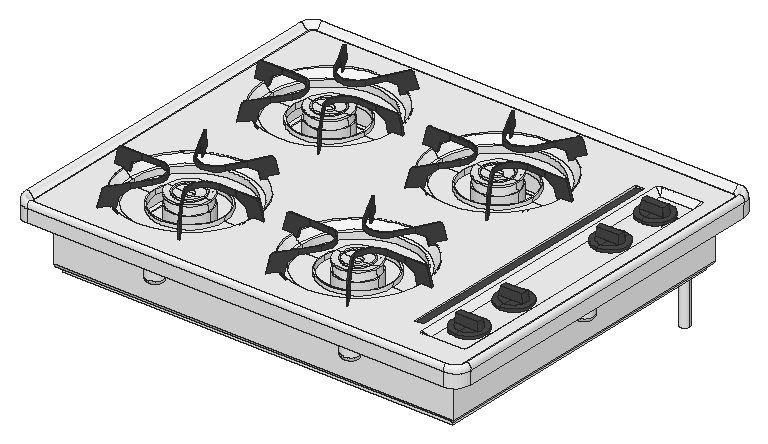
Revit family "QF_Summit_WNL033_Cooktop", category Specialty Equipment, Revit 2020 (continued)
Definition of nested family "Summit_Burner"
  Automatic sketch dimensions
    curve 9 to curve 10 = 0.003"
    plane 8 "Center X" to curve 6 = 1/32"
    curve 5 to plane 8 "Center X" = 1/32"
    curve 6 to curve 5 = 0.00426"
    curve 7 to plane 3 "LEFT" = 0.24994"
    curve 10 to curve 15 = 0.00493"
    curve 9 to curve 15 = 0.00185"
    curve 9 to curve 8 = 0.00046"
    plane 8 "Center X" to curve 18 = 0.00072"
    curve 18 to curve 19 = 0.00005"
    curve 31 to curve 11 = 0.00029"
    curve 31 to curve 32 = 0.0001"
    plane 8 "Center X" to curve 26 = 0.00012"
    curve 36 to plane 8 "Center X" = 0"
    curve 37 to plane 8 "Center X" = 0"
    curve 28 to plane 8 "Center X" = 0.00005"
    curve 28 to curve 30 = 0"
    curve 28 to curve 29 = 0"
    curve 37 to curve 23 = 0.00008"
    curve 23 to curve 21 = 0.00002"
    curve 21 to curve 20 = 0.00003"
    curve 30 to curve 16 = 0.00015"
    curve 32 to curve 20 = 0.08532"
    curve 21 to curve 32 = 0.00683"
    curve 31 to curve 21 = 0.0725"
    curve 12 to curve 11 = 0.00194"
    curve 34 to curve 12 = 0.06053"
    curve 33 to curve 12 = 0.06852"
    curve 10 to curve 11 = 0.27562"
    curve 30 to curve 23 = 0.05436"
    curve 35 to curve 10 = 0.05987"
    curve 32 to curve 33 = 0.01816"
    curve 34 to curve 32 = 0.06703"
    curve 31 to curve 34 = 0.0111"
    curve 29 to curve 25 = 0.0546"
    curve 26 to curve 25 = 0.14085"
    curve 36 to curve 9 = 0.05612"
    curve 28 to curve 26 = 0.05462"
    curve 8 to curve 36 = 0.11219"
    curve 37 to curve 8 = 0.0556"
    curve 30 to curve 35 = 0.00104"
    curve 29 to curve 36 = 0.00067"
    curve 28 to curve 37 = 0.00063"
    curve 18 to curve 21 = 0.00535"
    curve 21 to curve 19 = 0.07323"
    curve 11 to curve 12 = 0.0019"
    curve 12 to curve 14 = 0.06051"
    curve 12 to curve 13 = 0.06855"
    curve 11 to curve 10 = 0.3055"
    curve 23 to curve 22 = 0.06833"
    curve 10 to curve 15 = 0.04534"
    curve 13 to curve 18 = 0.01507"
    curve 18 to curve 14 = 0.07001"
    curve 19 to plane 8 "Center X" = 0.08242"
    curve 25 to curve 24 = 0.05466"
    curve 9 to curve 16 = 0.0538"
    curve 26 to curve 27 = 7/128"
    curve 9 to curve 8 = 0.16803"
    curve 8 to curve 17 = 0.04772"
    curve 15 to curve 22 = 0.00203"
    curve 16 to curve 24 = 0.0001"
    curve 17 to curve 27 = 0.00107"
    curve 30 to curve 35 = 0.06245"
    curve 29 to curve 36 = 0.06245"
    curve 28 to curve 37 = 0.06245"
    curve 18 to curve 14 = 0.0297"
    curve 32 to curve 34 = 0.03106"
    curve 12 to curve 34 = 0.04337"
    curve 14 to curve 11 = 0.04324"
    curve 15 to curve 10 = 0.02225"
    curve 16 to curve 9 = 0.03201"
    curve 17 to curve 8 = 0.02894"
    Revolve 1 sketch curve to plane 7 "Center Y" = 0"  (x2)
    Revolve 1 sketch curve to Revolve 1 sketch curve = 0.23333"
    Revolve 1 sketch curve to plane 7 "Center Y" = 0.24695"
    Revolve 1 sketch curve to Revolve 1 sketch curve = 0.51345"
    Revolve 1 sketch curve to Revolve 1 sketch curve = 0.02917"
    Revolve 1 sketch curve to Revolve 1 sketch curve = 0.18246"
    Revolve 1 sketch curve to Revolve 1 sketch curve = 0.07859"
    Revolve 1 sketch curve to Revolve 1 sketch curve = 0.0713"
    Revolve 1 sketch curve to plane 6 "TOP" = 0.50892"
    Revolve 1 sketch curve to Revolve 1 sketch curve = 0.14989"
    Revolve 1 sketch curve to Revolve 1 sketch curve = 0.7"
    Revolve 1 sketch curve to Revolve 1 sketch curve = 0.05833"  (x2)
    plane 3 "LEFT" to Revolve 1 sketch curve = 0.74587"
    Revolve 1 sketch curve to Revolve 1 sketch curve = 0.1959"
    plane 3 "LEFT" to Revolve 1 sketch curve = 1/4"
    Revolve 1 sketch curve to plane 6 "TOP" = 0.53304"
    Revolve 1 sketch curve to Revolve 1 sketch curve = 0.02643"
    Revolve 1 sketch curve to plane 6 "TOP" = 0.8456"
    Revolve 1 sketch curve to Revolve 1 sketch curve = 0"  (x2)
    Revolve 1 sketch curve to Revolve 1 sketch curve = 0.20616"
    Revolve 1 sketch curve to Revolve 1 sketch curve = 1.38136"
    Revolve 1 sketch curve to Revolve 1 sketch curve = 0.0449"
    Revolve 1 sketch curve to Revolve 1 sketch curve = 0.35749"
    Revolve 1 sketch curve to Revolve 1 sketch curve = 0.07043"
    Revolve 1 sketch curve to Revolve 1 sketch curve = 0.03555"
    Revolve 1 sketch curve to Revolve 1 sketch curve = 0.07819"
    Revolve 1 sketch curve to Revolve 1 sketch curve = 0.04006"
    Revolve 1 sketch curve to Revolve 1 sketch curve = 0.01412"
    Revolve 1 sketch curve to Revolve 1 sketch curve = 0.0834"
    Extrusion 2 sketch curve to Extrusion 2 sketch curve = 0"  (x6)
    Extrusion 2 sketch curve to plane 7 "Center Y" = 0"
    plane 7 "Center Y" to Extrusion 2 sketch curve = 0.78533"
    plane 7 "Center Y" to Extrusion 2 sketch curve = 0.79697"
    Extrusion 2 sketch curve to Extrusion 2 sketch curve = 0.05518"  (x4)
    Extrusion 2 sketch curve to Extrusion 2 sketch curve = 0.05181"  (x4)
    Extrusion 2 sketch curve to Extrusion 2 sketch curve = 0.44677"  (x2)
    Extrusion 2 sketch curve to Extrusion 2 sketch curve = 0.54664"  (x2)
    Extrusion 2 sketch curve to plane 8 "Center X" = 1/32"
    Extrusion 2 sketch curve to Extrusion 2 sketch curve = 0.73738"  (x2)
    Extrusion 2 sketch curve to Extrusion 2 sketch curve = 0.95164"  (x2)
    Extrusion 2 sketch curve to plane 7 "Center Y" = 0.78533"
    Extrusion 2 sketch curve to plane 7 "Center Y" = 0.79697"
    plane 8 "Center X" to Extrusion 2 sketch curve = 1/32"
    plane 8 "Center X" to Extrusion 2 sketch curve = 1.39462"
    Extrusion 2 sketch curve to Extrusion 2 sketch curve = 0.02934"
    Extrusion 2 sketch curve to Extrusion 2 sketch curve = 0.41757"
    Extrusion 2 sketch curve to Extrusion 2 sketch curve = 1/16"  (x2)
    Extrusion 2 sketch curve to Extrusion 2 sketch curve = 0.88944"  (x2)
    plane 6 "TOP" to Extrusion 3 sketch curve = 1/4"
    plane 3 "LEFT" to Extrusion 3 sketch curve = 1.21219"
    Extrusion 3 sketch curve to plane 6 "TOP" = 0.05877"
    Extrusion 3 sketch curve to Extrusion 3 sketch curve = 0.53481"
    Extrusion 3 sketch curve to Extrusion 3 sketch curve = 0.12323"
    Extrusion 3 sketch curve to Extrusion 3 sketch curve = 1/4"
    Extrusion 3 sketch curve to Extrusion 3 sketch curve = 0.09613"
    plane 3 "LEFT" to Extrusion 3 sketch curve = 0.16348"
    Extrusion 3 sketch curve to plane 3 "LEFT" = 0.05937"
    Extrusion 3 sketch curve to plane 3 "LEFT" = 0.24994"
    Extrusion 3 sketch curve to plane 6 "TOP" = 0.43845"
    Extrusion 3 sketch curve to Extrusion 3 sketch curve = 0.11457"
    plane 6 "TOP" to Extrusion 3 sketch curve = 0.27032"
    Extrusion 3 sketch curve to Extrusion 3 sketch curve = 0.05556"
    plane 6 "TOP" to Extrusion 4 sketch curve = 1/4"
    Extrusion 4 sketch curve to plane 6 "TOP" = 0.05877"
    Extrusion 4 sketch curve to Extrusion 4 sketch curve = 0.53481"
    Extrusion 4 sketch curve to Extrusion 4 sketch curve = 0.12323"
    Extrusion 4 sketch curve to plane 6 "TOP" = 0.55301"
    Extrusion 4 sketch curve to Extrusion 4 sketch curve = 1/4"
    Extrusion 4 sketch curve to plane 6 "TOP" = 0.43845"
    Extrusion 4 sketch curve to Extrusion 4 sketch curve = 0.09613"
    plane 6 "TOP" to Extrusion 4 sketch curve = 0.27032"
    Extrusion 4 sketch curve to Extrusion 4 sketch curve = 0.5139"
    plane 6 "TOP" to Extrusion 4 sketch curve = 0.32589"
    Extrusion 4 sketch curve to Extrusion 4 sketch curve = 0.22285"
    Extrusion 4 sketch curve to Extrusion 4 sketch curve = 0.45796"
    plane 6 "TOP" to Extrusion 5 sketch curve = 1/4"
    plane 4 "RIGHT" to Extrusion 5 sketch curve = 1.21219"
    Extrusion 5 sketch curve to plane 6 "TOP" = 0.05877"
    Extrusion 5 sketch curve to Extrusion 5 sketch curve = 0.53481"
    Extrusion 5 sketch curve to Extrusion 5 sketch curve = 0.12323"
    Extrusion 5 sketch curve to Extrusion 5 sketch curve = 1/4"
    Extrusion 5 sketch curve to Extrusion 5 sketch curve = 0.09613"
    plane 4 "RIGHT" to Extrusion 5 sketch curve = 0.16348"
    Extrusion 5 sketch curve to plane 4 "RIGHT" = 0.05937"
    Extrusion 5 sketch curve to plane 4 "RIGHT" = 0.24994"
    plane 6 "TOP" to Extrusion 5 sketch curve = 0.27032"
    Extrusion 5 sketch curve to Extrusion 5 sketch curve = 0.05556"
    Extrusion 5 sketch curve to plane 6 "TOP" = 0.43845"
    Extrusion 5 sketch curve to Extrusion 5 sketch curve = 0.11457"
    plane 6 "TOP" to Extrusion 6 sketch curve = 1/4"
    Extrusion 6 sketch curve to plane 6 "TOP" = 0.05877"
    Extrusion 6 sketch curve to Extrusion 6 sketch curve = 0.53481"
    Extrusion 6 sketch curve to Extrusion 6 sketch curve = 0.12323"
    Extrusion 6 sketch curve to plane 6 "TOP" = 0.55301"
    Extrusion 6 sketch curve to Extrusion 6 sketch curve = 1/4"
    Extrusion 6 sketch curve to plane 6 "TOP" = 0.43845"
    Extrusion 6 sketch curve to Extrusion 6 sketch curve = 0.09613"
    plane 6 "TOP" to Extrusion 6 sketch curve = 0.27032"
    Extrusion 6 sketch curve to Extrusion 6 sketch curve = 0.5139"
    plane 6 "TOP" to Extrusion 6 sketch curve = 0.32589"
    Extrusion 6 sketch curve to Extrusion 6 sketch curve = 0.22285"
    Extrusion 6 sketch curve to Extrusion 6 sketch curve = 0.45796"
    plane 6 "TOP" to Extrusion 7 sketch curve = 1/4"
    Extrusion 7 sketch curve to plane 6 "TOP" = 0.05877"
    Extrusion 7 sketch curve to Extrusion 7 sketch curve = 0.53481"
    Extrusion 7 sketch curve to Extrusion 7 sketch curve = 0.12323"
    Extrusion 7 sketch curve to plane 6 "TOP" = 0.55301"
    Extrusion 7 sketch curve to Extrusion 7 sketch curve = 1/4"
    Extrusion 7 sketch curve to plane 6 "TOP" = 0.43845"
    Extrusion 7 sketch curve to Extrusion 7 sketch curve = 0.09613"
    plane 6 "TOP" to Extrusion 7 sketch curve = 0.27032"
    Extrusion 7 sketch curve to Extrusion 7 sketch curve = 0.5139"
    plane 6 "TOP" to Extrusion 7 sketch curve = 0.32589"
    Extrusion 7 sketch curve to Extrusion 7 sketch curve = 0.22285"
    Extrusion 7 sketch curve to Extrusion 7 sketch curve = 0.45796"
    plane 6 "TOP" to Extrusion 8 sketch curve = 1/4"
    Extrusion 8 sketch curve to plane 6 "TOP" = 0.05877"
    Extrusion 8 sketch curve to Extrusion 8 sketch curve = 0.53481"
    Extrusion 8 sketch curve to Extrusion 8 sketch curve = 0.12323"
    Extrusion 8 sketch curve to plane 6 "TOP" = 0.55301"
    Extrusion 8 sketch curve to Extrusion 8 sketch curve = 1/4"
    Extrusion 8 sketch curve to plane 6 "TOP" = 0.43845"
    Extrusion 8 sketch curve to Extrusion 8 sketch curve = 0.09613"
    plane 6 "TOP" to Extrusion 8 sketch curve = 0.27032"
    Extrusion 8 sketch curve to Extrusion 8 sketch curve = 0.5139"
    plane 6 "TOP" to Extrusion 8 sketch curve = 0.32589"
    Extrusion 8 sketch curve to Extrusion 8 sketch curve = 0.22285"
    Extrusion 8 sketch curve to Extrusion 8 sketch curve = 0.45796"
    curve 38 to curve 10 = 0.09124"
    curve 39 to curve 38 = 0.05181"
    curve 40 to curve 41 = 0.03495"
    curve 42 to plane 5 "FRONT" = 0.2744"
    curve 10 to curve 43 = 0.11316"
    curve 43 to curve 44 = 0"
    curve 44 to curve 43 = 0.05181"
    curve 45 to curve 9 = 0.5693"
    curve 45 to curve 46 = 0.03495"
    plane 8 "Center X" to curve 49 = 1/32"
    curve 49 to plane 4 "RIGHT" = 0.24994"
    curve 50 to plane 5 "FRONT" = 0.2744"
    curve 45 to curve 50 = 0.05181"
    curve 49 to plane 8 "Center X" = 1/32"
    curve 25 to curve 26 = 0.14084"
    curve 26 to curve 27 = 0.03027"
    curve 23 to curve 30 = 0.03089"
    curve 21 to curve 31 = 0.03066"
    curve 20 to curve 18 = 0.08679"
    curve 21 to curve 32 = 0.07353"
    curve 20 to curve 32 = 0.03085"
    curve 30 to curve 51 = 0.12572"
    curve 51 to curve 23 = 0.07139"
    curve 51 to curve 52 = 0.05518"
    curve 52 to curve 51 = 0.05518"
    curve 56 to curve 55 = 0.05518"
    plane 1 "BACK" to curve 57 = 0.1948"
    plane 1 "BACK" to curve 54 = 0.1948"
    radius of curve 2 = 0.80512"
    radius of curve 3 = 0.74678"
    radius of curve 4 = 0.23333"
